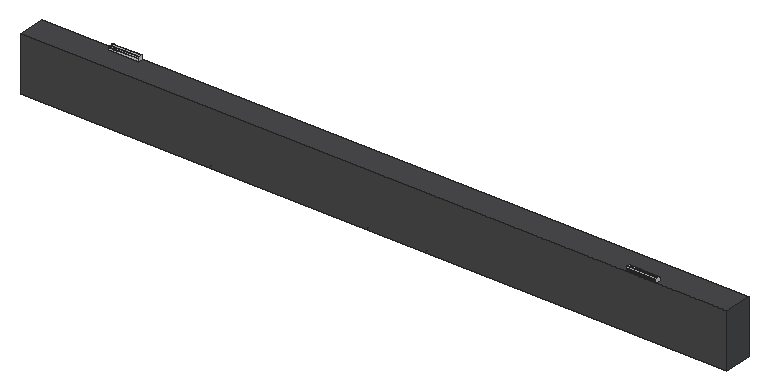
Revit family "DTM40N9.1.36", category Luminarias, Revit 2019
Family settings
  Cota de conector redondo = Diámetro de uso
  Tipo de pieza = Normal
  Se basa en plano de trabajo = Sí
  Siempre vertical = Sí
  Corte con vacíos al cargar = No
  Origen de luz = Sí
  Compartido = No
  Punto de cálculo de habitación = No
Parameters (values of type "RECTANGULAR DWN RIEL_DTM40N9.1.36")
  Ángulo de inclinación = 60.00°
  Zone [instance] = ""
  Watt per fixture = 42.9
  Wattage = 42.9 W
  built-in parameter 1150107 = 4000 (stored number, unit not read)
  built-in parameter 1150110 = 1 (stored number, unit not read)
  built-in parameter 1150109 = 1 (stored number, unit not read)
  built-in parameter 1150112 = 1 (stored number, unit not read)
  built-in parameter 1150113 = 1 (stored number, unit not read)
  built-in parameter 1114218 = 1 (stored number, unit not read)
  Keynote = ""
  built-in parameter 1150137 = (empty or 0)
  built-in parameter 1150132 = (empty or 0)
  Modelo = "DTM40N9.1.36"
  Lámpara = "3030SMD PHILIPS"
  built-in parameter 1150105 = 279.94 (stored number, unit not read)
  built-in parameter 1150102 = (empty or 0)
  built-in parameter 1150106 = 2.7994 (stored number, unit not read)
  Lumens = 3517.8 lm
  Color Filter = 16777215
  built-in parameter 1114217 = 1 (stored number, unit not read)
  built-in parameter 1150139 = (empty or 0)
  Fabricante = "BRILLANT"
  Default Elevation = 1219.2 mm
  built-in parameter 1150104 = 7.618 (stored number, unit not read)
  Descripción = "LUMINARIA DOWNLIGHT EN FORMATO RECTANGULAR COMPATIBLE CON RIEL DE 6 ENTRADAS Y 3 CIRCUITOS, CUERPO DE ALUMINIO ACABADO EN COLOR NEGRO, IP 20, PESO 1.98Kg, TIPO DE LED 3030SMD PHILIPS CON 42.9W TOTAL, 3200 LUMENES, 82LM/W, IRC 90, TEMPERATURA EN BLANCO FRIO 4000K, 50 MIL HORAS DE VIDA PROMEDIO, APERTURA DE 36 GRADOS POR PROYECTO, ALIMENTADO A 90-240V"
  built-in parameter 1150115 = 1 (stored number, unit not read)
  built-in parameter 1150114 = 1 (stored number, unit not read)
  Comentarios de vataje = "90-240V"
  built-in parameter 1150138 = (empty or 0)
  built-in parameter 1150134 = 12
  Circuit [instance] = ""
  Dimming Lamp Color Temperature Shift = (empty or 0)
  Archivo de red fotométrica = "L964A-40W-840-B-36_IESNA95.IES"
  built-in parameter 1150133 = 10 (stored number, unit not read)
Reference planes
  plane 1 "Centro (Frontal/Posterior)": y = 0
  plane 2: z = 0
  plane 3 "Centro (Izquierda/Derecha)": x = 0
Forms (mm)
  Extrusion 1, solid, material "Default Form"
    sketch origin (0, 0, 0) x (1, 0, 0) y (0, 0, 1)
      loop
        line (-473, 0) -> (-473, -72) -> (473, -72) -> (473, 0) -> (-473, 0)
    from -18.326 to 18.326
  Extrusion 2, solid
    sketch origin (-250, 0, 3.217) x (0, -1, 0) y (0, 0, 1)
      loop
        line (-12.149, -3.217) -> (-12.149, 0) -> (-12.935, 0) -> (-12.935, 1.637) -> (-13.796, 1.637) -> (-13.796, 0) -> (-14.582, 0) -> (-14.582, 0.811) -> (-15.443, 0.811) -> (-15.443, 0) -> (-16.233, 0) -> (-16.233, 2.691) -> (-17.279, 2.691) -> (-17.279, 0) -> (-18.061, 0) -> (-18.061, -0.861) -> (-17.162, -0.861) -> (-17.162, -2.042) -> (-18.326, -2.042) -> (-18.326, -3.217) -> (-12.149, -3.217)
    from 89.098 to 128.24
  Blend 3, void
    base sketch origin (-293.63, 0, 0) x (1, 0, 0) y (0, 1, 0)
      loop
        line (-162, 16.149) -> (-162, -16.149) -> (-144.14, -16.149) -> (-144.14, 16.149) -> (-162, 16.149)
    top sketch origin (-293.63, 0, 0) x (1, 0, 0) y (0, 1, 0)
      loop
        line (-160, 12.149) -> (-160, -12.149) -> (-146.14, -12.149) -> (-146.14, 12.149) -> (-160, 12.149)
    from -72 to -61.591
  Blend 4, void
    base sketch origin (-267.33, 0, 0) x (1, 0, 0) y (0, 1, 0)
      loop
        line (-162, 16.149) -> (-162, -16.149) -> (-144.14, -16.149) -> (-144.14, 16.149) -> (-162, 16.149)
    top sketch origin (-267.33, 0, 0) x (1, 0, 0) y (0, 1, 0)
      loop
        line (-160, 12.149) -> (-160, -12.149) -> (-146.14, -12.149) -> (-146.14, 12.149) -> (-160, 12.149)
    from -72 to -61.591
  Blend 5, void
    base sketch origin (-241.03, 0, 0) x (1, 0, 0) y (0, 1, 0)
      loop
        line (-162, 16.149) -> (-162, -16.149) -> (-144.14, -16.149) -> (-144.14, 16.149) -> (-162, 16.149)
    top sketch origin (-241.03, 0, 0) x (1, 0, 0) y (0, 1, 0)
      loop
        line (-160, 12.149) -> (-160, -12.149) -> (-146.14, -12.149) -> (-146.14, 12.149) -> (-160, 12.149)
    from -72 to -61.591
  Blend 6, void
    base sketch origin (-214.73, 0, 0) x (1, 0, 0) y (0, 1, 0)
      loop
        line (-162, 16.149) -> (-162, -16.149) -> (-144.14, -16.149) -> (-144.14, 16.149) -> (-162, 16.149)
    top sketch origin (-214.73, 0, 0) x (1, 0, 0) y (0, 1, 0)
      loop
        line (-160, 12.149) -> (-160, -12.149) -> (-146.14, -12.149) -> (-146.14, 12.149) -> (-160, 12.149)
    from -72 to -61.591
  Blend 7, void
    base sketch origin (-188.43, 0, 0) x (1, 0, 0) y (0, 1, 0)
      loop
        line (-162, 16.149) -> (-162, -16.149) -> (-144.14, -16.149) -> (-144.14, 16.149) -> (-162, 16.149)
    top sketch origin (-188.43, 0, 0) x (1, 0, 0) y (0, 1, 0)
      loop
        line (-160, 12.149) -> (-160, -12.149) -> (-146.14, -12.149) -> (-146.14, 12.149) -> (-160, 12.149)
    from -72 to -61.591
  Blend 8, void
    base sketch origin (-162.13, 0, 0) x (1, 0, 0) y (0, 1, 0)
      loop
        line (-162, 16.149) -> (-162, -16.149) -> (-144.14, -16.149) -> (-144.14, 16.149) -> (-162, 16.149)
    top sketch origin (-162.13, 0, 0) x (1, 0, 0) y (0, 1, 0)
      loop
        line (-160, 12.149) -> (-160, -12.149) -> (-146.14, -12.149) -> (-146.14, 12.149) -> (-160, 12.149)
    from -72 to -61.591
  Blend 9, void
    base sketch origin (-135.83, 0, 0) x (1, 0, 0) y (0, 1, 0)
      loop
        line (-162, 16.149) -> (-162, -16.149) -> (-144.14, -16.149) -> (-144.14, 16.149) -> (-162, 16.149)
    top sketch origin (-135.83, 0, 0) x (1, 0, 0) y (0, 1, 0)
      loop
        line (-160, 12.149) -> (-160, -12.149) -> (-146.14, -12.149) -> (-146.14, 12.149) -> (-160, 12.149)
    from -72 to -61.591
  Blend 10, void
    base sketch origin (-109.53, 0, 0) x (1, 0, 0) y (0, 1, 0)
      loop
        line (-162, 16.149) -> (-162, -16.149) -> (-144.14, -16.149) -> (-144.14, 16.149) -> (-162, 16.149)
    top sketch origin (-109.53, 0, 0) x (1, 0, 0) y (0, 1, 0)
      loop
        line (-160, 12.149) -> (-160, -12.149) -> (-146.14, -12.149) -> (-146.14, 12.149) -> (-160, 12.149)
    from -72 to -61.591
  Blend 11, void
    base sketch origin (-83.23, 0, 0) x (1, 0, 0) y (0, 1, 0)
      loop
        line (-162, 16.149) -> (-162, -16.149) -> (-144.14, -16.149) -> (-144.14, 16.149) -> (-162, 16.149)
    top sketch origin (-83.23, 0, 0) x (1, 0, 0) y (0, 1, 0)
      loop
        line (-160, 12.149) -> (-160, -12.149) -> (-146.14, -12.149) -> (-146.14, 12.149) -> (-160, 12.149)
    from -72 to -61.591
  Blend 12, void
    base sketch origin (-56.93, 0, 0) x (1, 0, 0) y (0, 1, 0)
      loop
        line (-162, 16.149) -> (-162, -16.149) -> (-144.14, -16.149) -> (-144.14, 16.149) -> (-162, 16.149)
    top sketch origin (-56.93, 0, 0) x (1, 0, 0) y (0, 1, 0)
      loop
        line (-160, 12.149) -> (-160, -12.149) -> (-146.14, -12.149) -> (-146.14, 12.149) -> (-160, 12.149)
    from -72 to -61.591
  Blend 13, void
    base sketch origin (-30.63, 0, 0) x (1, 0, 0) y (0, 1, 0)
      loop
        line (-162, 16.149) -> (-162, -16.149) -> (-144.14, -16.149) -> (-144.14, 16.149) -> (-162, 16.149)
    top sketch origin (-30.63, 0, 0) x (1, 0, 0) y (0, 1, 0)
      loop
        line (-160, 12.149) -> (-160, -12.149) -> (-146.14, -12.149) -> (-146.14, 12.149) -> (-160, 12.149)
    from -72 to -61.591
  Blend 14, void
    base sketch origin (-4.33, 0, 0) x (1, 0, 0) y (0, 1, 0)
      loop
        line (-162, 16.149) -> (-162, -16.149) -> (-144.14, -16.149) -> (-144.14, 16.149) -> (-162, 16.149)
    top sketch origin (-4.33, 0, 0) x (1, 0, 0) y (0, 1, 0)
      loop
        line (-160, 12.149) -> (-160, -12.149) -> (-146.14, -12.149) -> (-146.14, 12.149) -> (-160, 12.149)
    from -72 to -61.591
  Blend 15, void
    base sketch origin (21.97, 0, 0) x (1, 0, 0) y (0, 1, 0)
      loop
        line (-162, 16.149) -> (-162, -16.149) -> (-144.14, -16.149) -> (-144.14, 16.149) -> (-162, 16.149)
    top sketch origin (21.97, 0, 0) x (1, 0, 0) y (0, 1, 0)
      loop
        line (-160, 12.149) -> (-160, -12.149) -> (-146.14, -12.149) -> (-146.14, 12.149) -> (-160, 12.149)
    from -72 to -61.591
  Blend 16, void
    base sketch origin (48.27, 0, 0) x (1, 0, 0) y (0, 1, 0)
      loop
        line (-162, 16.149) -> (-162, -16.149) -> (-144.14, -16.149) -> (-144.14, 16.149) -> (-162, 16.149)
    top sketch origin (48.27, 0, 0) x (1, 0, 0) y (0, 1, 0)
      loop
        line (-160, 12.149) -> (-160, -12.149) -> (-146.14, -12.149) -> (-146.14, 12.149) -> (-160, 12.149)
    from -72 to -61.591
  Blend 17, void
    base sketch origin (74.57, 0, 0) x (1, 0, 0) y (0, 1, 0)
      loop
        line (-162, 16.149) -> (-162, -16.149) -> (-144.14, -16.149) -> (-144.14, 16.149) -> (-162, 16.149)
    top sketch origin (74.57, 0, 0) x (1, 0, 0) y (0, 1, 0)
      loop
        line (-160, 12.149) -> (-160, -12.149) -> (-146.14, -12.149) -> (-146.14, 12.149) -> (-160, 12.149)
    from -72 to -61.591
  Blend 18, void
    base sketch origin (100.87, 0, 0) x (1, 0, 0) y (0, 1, 0)
      loop
        line (-162, 16.149) -> (-162, -16.149) -> (-144.14, -16.149) -> (-144.14, 16.149) -> (-162, 16.149)
    top sketch origin (100.87, 0, 0) x (1, 0, 0) y (0, 1, 0)
      loop
        line (-160, 12.149) -> (-160, -12.149) -> (-146.14, -12.149) -> (-146.14, 12.149) -> (-160, 12.149)
    from -72 to -61.591
  Blend 19, void
    base sketch origin (127.17, 0, 0) x (1, 0, 0) y (0, 1, 0)
      loop
        line (-162, 16.149) -> (-162, -16.149) -> (-144.14, -16.149) -> (-144.14, 16.149) -> (-162, 16.149)
    top sketch origin (127.17, 0, 0) x (1, 0, 0) y (0, 1, 0)
      loop
        line (-160, 12.149) -> (-160, -12.149) -> (-146.14, -12.149) -> (-146.14, 12.149) -> (-160, 12.149)
    from -72 to -61.591
  Blend 20, void
    base sketch origin (153.47, 0, 0) x (1, 0, 0) y (0, 1, 0)
      loop
        line (-162, 16.149) -> (-162, -16.149) -> (-144.14, -16.149) -> (-144.14, 16.149) -> (-162, 16.149)
    top sketch origin (153.47, 0, 0) x (1, 0, 0) y (0, 1, 0)
      loop
        line (-160, 12.149) -> (-160, -12.149) -> (-146.14, -12.149) -> (-146.14, 12.149) -> (-160, 12.149)
    from -72 to -61.591
  Blend 21, void
    base sketch origin (179.77, 0, 0) x (1, 0, 0) y (0, 1, 0)
      loop
        line (-162, 16.149) -> (-162, -16.149) -> (-144.14, -16.149) -> (-144.14, 16.149) -> (-162, 16.149)
    top sketch origin (179.77, 0, 0) x (1, 0, 0) y (0, 1, 0)
      loop
        line (-160, 12.149) -> (-160, -12.149) -> (-146.14, -12.149) -> (-146.14, 12.149) -> (-160, 12.149)
    from -72 to -61.591
  Blend 22, void
    base sketch origin (206.07, 0, 0) x (1, 0, 0) y (0, 1, 0)
      loop
        line (-162, 16.149) -> (-162, -16.149) -> (-144.14, -16.149) -> (-144.14, 16.149) -> (-162, 16.149)
    top sketch origin (206.07, 0, 0) x (1, 0, 0) y (0, 1, 0)
      loop
        line (-160, 12.149) -> (-160, -12.149) -> (-146.14, -12.149) -> (-146.14, 12.149) -> (-160, 12.149)
    from -72 to -61.591
  Blend 23, void
    base sketch origin (232.37, 0, 0) x (1, 0, 0) y (0, 1, 0)
      loop
        line (-162, 16.149) -> (-162, -16.149) -> (-144.14, -16.149) -> (-144.14, 16.149) -> (-162, 16.149)
    top sketch origin (232.37, 0, 0) x (1, 0, 0) y (0, 1, 0)
      loop
        line (-160, 12.149) -> (-160, -12.149) -> (-146.14, -12.149) -> (-146.14, 12.149) -> (-160, 12.149)
    from -72 to -61.591
  Blend 24, void
    base sketch origin (258.67, 0, 0) x (1, 0, 0) y (0, 1, 0)
      loop
        line (-162, 16.149) -> (-162, -16.149) -> (-144.14, -16.149) -> (-144.14, 16.149) -> (-162, 16.149)
    top sketch origin (258.67, 0, 0) x (1, 0, 0) y (0, 1, 0)
      loop
        line (-160, 12.149) -> (-160, -12.149) -> (-146.14, -12.149) -> (-146.14, 12.149) -> (-160, 12.149)
    from -72 to -61.591
  Blend 25, void
    base sketch origin (284.97, 0, 0) x (1, 0, 0) y (0, 1, 0)
      loop
        line (-162, 16.149) -> (-162, -16.149) -> (-144.14, -16.149) -> (-144.14, 16.149) -> (-162, 16.149)
    top sketch origin (284.97, 0, 0) x (1, 0, 0) y (0, 1, 0)
      loop
        line (-160, 12.149) -> (-160, -12.149) -> (-146.14, -12.149) -> (-146.14, 12.149) -> (-160, 12.149)
    from -72 to -61.591
  Blend 26, void
    base sketch origin (311.27, 0, 0) x (1, 0, 0) y (0, 1, 0)
      loop
        line (-162, 16.149) -> (-162, -16.149) -> (-144.14, -16.149) -> (-144.14, 16.149) -> (-162, 16.149)
    top sketch origin (311.27, 0, 0) x (1, 0, 0) y (0, 1, 0)
      loop
        line (-160, 12.149) -> (-160, -12.149) -> (-146.14, -12.149) -> (-146.14, 12.149) -> (-160, 12.149)
    from -72 to -61.591
  Blend 27, void
    base sketch origin (337.57, 0, 0) x (1, 0, 0) y (0, 1, 0)
      loop
        line (-162, 16.149) -> (-162, -16.149) -> (-144.14, -16.149) -> (-144.14, 16.149) -> (-162, 16.149)
    top sketch origin (337.57, 0, 0) x (1, 0, 0) y (0, 1, 0)
      loop
        line (-160, 12.149) -> (-160, -12.149) -> (-146.14, -12.149) -> (-146.14, 12.149) -> (-160, 12.149)
    from -72 to -61.591
  Blend 28, void
    base sketch origin (363.87, 0, 0) x (1, 0, 0) y (0, 1, 0)
      loop
        line (-162, 16.149) -> (-162, -16.149) -> (-144.14, -16.149) -> (-144.14, 16.149) -> (-162, 16.149)
    top sketch origin (363.87, 0, 0) x (1, 0, 0) y (0, 1, 0)
      loop
        line (-160, 12.149) -> (-160, -12.149) -> (-146.14, -12.149) -> (-146.14, 12.149) -> (-160, 12.149)
    from -72 to -61.591
  Blend 29, void
    base sketch origin (390.17, 0, 0) x (1, 0, 0) y (0, 1, 0)
      loop
        line (-162, 16.149) -> (-162, -16.149) -> (-144.14, -16.149) -> (-144.14, 16.149) -> (-162, 16.149)
    top sketch origin (390.17, 0, 0) x (1, 0, 0) y (0, 1, 0)
      loop
        line (-160, 12.149) -> (-160, -12.149) -> (-146.14, -12.149) -> (-146.14, 12.149) -> (-160, 12.149)
    from -72 to -61.591
  Blend 30, void
    base sketch origin (416.47, 0, 0) x (1, 0, 0) y (0, 1, 0)
      loop
        line (-162, 16.149) -> (-162, -16.149) -> (-144.14, -16.149) -> (-144.14, 16.149) -> (-162, 16.149)
    top sketch origin (416.47, 0, 0) x (1, 0, 0) y (0, 1, 0)
      loop
        line (-160, 12.149) -> (-160, -12.149) -> (-146.14, -12.149) -> (-146.14, 12.149) -> (-160, 12.149)
    from -72 to -61.591
  Blend 31, void
    base sketch origin (442.77, 0, 0) x (1, 0, 0) y (0, 1, 0)
      loop
        line (-162, 16.149) -> (-162, -16.149) -> (-144.14, -16.149) -> (-144.14, 16.149) -> (-162, 16.149)
    top sketch origin (442.77, 0, 0) x (1, 0, 0) y (0, 1, 0)
      loop
        line (-160, 12.149) -> (-160, -12.149) -> (-146.14, -12.149) -> (-146.14, 12.149) -> (-160, 12.149)
    from -72 to -61.591
  Blend 32, void
    base sketch origin (469.07, 0, 0) x (1, 0, 0) y (0, 1, 0)
      loop
        line (-162, 16.149) -> (-162, -16.149) -> (-144.14, -16.149) -> (-144.14, 16.149) -> (-162, 16.149)
    top sketch origin (469.07, 0, 0) x (1, 0, 0) y (0, 1, 0)
      loop
        line (-160, 12.149) -> (-160, -12.149) -> (-146.14, -12.149) -> (-146.14, 12.149) -> (-160, 12.149)
    from -72 to -61.591
  Blend 33, void
    base sketch origin (495.37, 0, 0) x (1, 0, 0) y (0, 1, 0)
      loop
        line (-162, 16.149) -> (-162, -16.149) -> (-144.14, -16.149) -> (-144.14, 16.149) -> (-162, 16.149)
    top sketch origin (495.37, 0, 0) x (1, 0, 0) y (0, 1, 0)
      loop
        line (-160, 12.149) -> (-160, -12.149) -> (-146.14, -12.149) -> (-146.14, 12.149) -> (-160, 12.149)
    from -72 to -61.591
  Blend 34, void
    base sketch origin (521.67, 0, 0) x (1, 0, 0) y (0, 1, 0)
      loop
        line (-162, 16.149) -> (-162, -16.149) -> (-144.14, -16.149) -> (-144.14, 16.149) -> (-162, 16.149)
    top sketch origin (521.67, 0, 0) x (1, 0, 0) y (0, 1, 0)
      loop
        line (-160, 12.149) -> (-160, -12.149) -> (-146.14, -12.149) -> (-146.14, 12.149) -> (-160, 12.149)
    from -72 to -61.591
  Blend 35, void
    base sketch origin (547.97, 0, 0) x (1, 0, 0) y (0, 1, 0)
      loop
        line (-162, 16.149) -> (-162, -16.149) -> (-144.14, -16.149) -> (-144.14, 16.149) -> (-162, 16.149)
    top sketch origin (547.97, 0, 0) x (1, 0, 0) y (0, 1, 0)
      loop
        line (-160, 12.149) -> (-160, -12.149) -> (-146.14, -12.149) -> (-146.14, 12.149) -> (-160, 12.149)
    from -72 to -61.591
  Blend 36, void
    base sketch origin (574.27, 0, 0) x (1, 0, 0) y (0, 1, 0)
      loop
        line (-162, 16.149) -> (-162, -16.149) -> (-144.14, -16.149) -> (-144.14, 16.149) -> (-162, 16.149)
    top sketch origin (574.27, 0, 0) x (1, 0, 0) y (0, 1, 0)
      loop
        line (-160, 12.149) -> (-160, -12.149) -> (-146.14, -12.149) -> (-146.14, 12.149) -> (-160, 12.149)
    from -72 to -61.591
  Blend 37, void
    base sketch origin (600.57, 0, 0) x (1, 0, 0) y (0, 1, 0)
      loop
        line (-162, 16.149) -> (-162, -16.149) -> (-144.14, -16.149) -> (-144.14, 16.149) -> (-162, 16.149)
    top sketch origin (600.57, 0, 0) x (1, 0, 0) y (0, 1, 0)
      loop
        line (-160, 12.149) -> (-160, -12.149) -> (-146.14, -12.149) -> (-146.14, 12.149) -> (-160, 12.149)
    from -72 to -61.591
  Extrusion 38, solid
    sketch origin (250, 0, 3.217) x (0, 1, 0) y (0, 0, 1)
      loop
        line (-12.149, -3.217) -> (-12.149, 0) -> (-12.935, 0) -> (-12.935, 1.637) -> (-13.796, 1.637) -> (-13.796, 0) -> (-14.582, 0) -> (-14.582, 0.811) -> (-15.443, 0.811) -> (-15.443, 0) -> (-16.233, 0) -> (-16.233, 2.691) -> (-17.279, 2.691) -> (-17.279, 0) -> (-18.061, 0) -> (-18.061, -0.861) -> (-17.162, -0.861) -> (-17.162, -2.042) -> (-18.326, -2.042) -> (-18.326, -3.217) -> (-12.149, -3.217)
    from 89.098 to 128.24
Cuts and joins
  Blend 3, Blend 4, Blend 5, Blend 6, Blend 7, Blend 8, Blend 9, Blend 10, Blend 11, Blend 12, Blend 13, Blend 14, Blend 15, Blend 16, Blend 17, Blend 18, Blend 19, Blend 20, Blend 21, Blend 22, Blend 23, Blend 24, Blend 25, Blend 26, Blend 27, Blend 28, Blend 29, Blend 30, Blend 31, Blend 32, Blend 33, Blend 34, Blend 35, Blend 36, Blend 37 cuts Extrusion 1
Dimensions and locks
  equal spacing: Extrusion 1, plane 1 "Centro (Frontal/Posterior)", Extrusion 1
  Extrusion 1 to plane 1 "Centro (Frontal/Posterior)" = 18.326 mm
  Extrusion 1 to Extrusion 1 = 36.651 mm
  Extrusion 1 to Extrusion 1 = 72 mm
  Extrusion 1 to Extrusion 1 = 946 mm
  cut or joined group 1 (Extrusion 1, Blend 3, Blend 4, Blend 5, Blend 6, Blend 7, Blend 8, Blend 9, Blend 10, Blend 11, Blend 12, Blend 13, Blend 14, Blend 15, Blend 16, Blend 17, Blend 18, Blend 19, Blend 20, Blend 21, Blend 22, Blend 23, Blend 24, Blend 25, Blend 26, Blend 27, Blend 28, Blend 29, Blend 30, Blend 31, Blend 32, Blend 33, Blend 34, Blend 35, Blend 36, Blend 37) to cut or joined group 1 = 72 mm
  cut or joined group 1 to cut or joined group 1 = 36.651 mm
  cut or joined group 1 to cut or joined group 1 = 946 mm
  equal spacing: cut or joined group 1, plane 1 "Centro (Frontal/Posterior)", cut or joined group 1
  aligned and locked: level to plane 2
Automatic sketch dimensions
  Extrusion 1 sketch curve to level = 0 mm
  Extrusion 1 sketch curve to level = 72 mm
  Extrusion 1 sketch curve to plane 3 "Centro (Izquierda/Derecha)" = 473 mm
  plane 3 "Centro (Izquierda/Derecha)" to Extrusion 1 sketch curve = 473 mm
  Extrusion 2 sketch curve to level = 0 mm
  level to Extrusion 2 sketch curve = 1.175 mm
  Extrusion 2 sketch curve to plane 1 "Centro (Frontal/Posterior)" = 18.326 mm
  Extrusion 2 sketch curve to Extrusion 2 sketch curve = 0.265 mm
  Extrusion 2 sketch curve to Extrusion 2 sketch curve = 0.782 mm
  Extrusion 2 sketch curve to Extrusion 2 sketch curve = 1.164 mm
  Extrusion 2 sketch curve to Extrusion 2 sketch curve = 1.046 mm
  Extrusion 2 sketch curve to Extrusion 2 sketch curve = 0.789 mm
  Extrusion 2 sketch curve to Extrusion 2 sketch curve = 0.861 mm  (x3)
  Extrusion 2 sketch curve to Extrusion 2 sketch curve = 0.786 mm
  Extrusion 2 sketch curve to Extrusion 2 sketch curve = 0.785 mm
  Extrusion 2 sketch curve to Extrusion 2 sketch curve = 1.181 mm
  level to Extrusion 2 sketch curve = 3.217 mm
  Extrusion 2 sketch curve to Extrusion 2 sketch curve = 0 mm  (x2)
  Extrusion 2 sketch curve to Extrusion 2 sketch curve = 0.811 mm
  Extrusion 2 sketch curve to Extrusion 2 sketch curve = 0.826 mm
  Extrusion 2 sketch curve to Extrusion 2 sketch curve = 1.88 mm
  Blend 3 sketch curve to plane 1 "Centro (Frontal/Posterior)" = 16.149 mm
  Blend 3 sketch curve to plane 3 "Centro (Izquierda/Derecha)" = 455.63 mm
  Blend 3 sketch curve to Blend 3 sketch curve = 17.86 mm
  plane 1 "Centro (Frontal/Posterior)" to Blend 3 sketch curve = 16.149 mm
  Blend 3 sketch curve to plane 1 "Centro (Frontal/Posterior)" = 12.149 mm
  Blend 3 sketch curve to plane 3 "Centro (Izquierda/Derecha)" = 453.63 mm
  Blend 3 sketch curve to Blend 3 sketch curve = 13.86 mm
  plane 1 "Centro (Frontal/Posterior)" to Blend 3 sketch curve = 12.149 mm
  Blend 4 sketch curve to plane 1 "Centro (Frontal/Posterior)" = 16.149 mm
  Blend 4 sketch curve to plane 3 "Centro (Izquierda/Derecha)" = 429.33 mm
  Blend 4 sketch curve to Blend 4 sketch curve = 17.86 mm
  plane 1 "Centro (Frontal/Posterior)" to Blend 4 sketch curve = 16.149 mm
  Blend 4 sketch curve to plane 1 "Centro (Frontal/Posterior)" = 12.149 mm
  Blend 4 sketch curve to plane 3 "Centro (Izquierda/Derecha)" = 427.33 mm
  Blend 4 sketch curve to Blend 4 sketch curve = 13.86 mm
  plane 1 "Centro (Frontal/Posterior)" to Blend 4 sketch curve = 12.149 mm
  Blend 5 sketch curve to plane 1 "Centro (Frontal/Posterior)" = 16.149 mm
  Blend 5 sketch curve to plane 3 "Centro (Izquierda/Derecha)" = 403.03 mm
  Blend 5 sketch curve to Blend 5 sketch curve = 17.86 mm
  plane 1 "Centro (Frontal/Posterior)" to Blend 5 sketch curve = 16.149 mm
  Blend 5 sketch curve to plane 1 "Centro (Frontal/Posterior)" = 12.149 mm
  Blend 5 sketch curve to plane 3 "Centro (Izquierda/Derecha)" = 401.03 mm
  Blend 5 sketch curve to Blend 5 sketch curve = 13.86 mm
  plane 1 "Centro (Frontal/Posterior)" to Blend 5 sketch curve = 12.149 mm
  Blend 6 sketch curve to plane 1 "Centro (Frontal/Posterior)" = 16.149 mm
  Blend 6 sketch curve to plane 3 "Centro (Izquierda/Derecha)" = 376.73 mm
  Blend 6 sketch curve to Blend 6 sketch curve = 17.86 mm
  plane 1 "Centro (Frontal/Posterior)" to Blend 6 sketch curve = 16.149 mm
  Blend 6 sketch curve to plane 1 "Centro (Frontal/Posterior)" = 12.149 mm
  Blend 6 sketch curve to plane 3 "Centro (Izquierda/Derecha)" = 374.73 mm
  Blend 6 sketch curve to Blend 6 sketch curve = 13.86 mm
  plane 1 "Centro (Frontal/Posterior)" to Blend 6 sketch curve = 12.149 mm
  Blend 7 sketch curve to plane 1 "Centro (Frontal/Posterior)" = 16.149 mm
  Blend 7 sketch curve to plane 3 "Centro (Izquierda/Derecha)" = 350.43 mm
  Blend 7 sketch curve to Blend 7 sketch curve = 17.86 mm
  plane 1 "Centro (Frontal/Posterior)" to Blend 7 sketch curve = 16.149 mm
  Blend 7 sketch curve to plane 1 "Centro (Frontal/Posterior)" = 12.149 mm
  Blend 7 sketch curve to plane 3 "Centro (Izquierda/Derecha)" = 348.43 mm
  Blend 7 sketch curve to Blend 7 sketch curve = 13.86 mm
  plane 1 "Centro (Frontal/Posterior)" to Blend 7 sketch curve = 12.149 mm
  Blend 8 sketch curve to plane 1 "Centro (Frontal/Posterior)" = 16.149 mm
  Blend 8 sketch curve to plane 3 "Centro (Izquierda/Derecha)" = 324.13 mm
  Blend 8 sketch curve to Blend 8 sketch curve = 17.86 mm
  plane 1 "Centro (Frontal/Posterior)" to Blend 8 sketch curve = 16.149 mm
  Blend 8 sketch curve to plane 1 "Centro (Frontal/Posterior)" = 12.149 mm
  Blend 8 sketch curve to plane 3 "Centro (Izquierda/Derecha)" = 322.13 mm
  Blend 8 sketch curve to Blend 8 sketch curve = 13.86 mm
  plane 1 "Centro (Frontal/Posterior)" to Blend 8 sketch curve = 12.149 mm
  Blend 9 sketch curve to plane 1 "Centro (Frontal/Posterior)" = 16.149 mm
  Blend 9 sketch curve to plane 3 "Centro (Izquierda/Derecha)" = 297.83 mm
  Blend 9 sketch curve to Blend 9 sketch curve = 17.86 mm
  plane 1 "Centro (Frontal/Posterior)" to Blend 9 sketch curve = 16.149 mm
  Blend 9 sketch curve to plane 1 "Centro (Frontal/Posterior)" = 12.149 mm
  Blend 9 sketch curve to plane 3 "Centro (Izquierda/Derecha)" = 295.83 mm
  Blend 9 sketch curve to Blend 9 sketch curve = 13.86 mm
  plane 1 "Centro (Frontal/Posterior)" to Blend 9 sketch curve = 12.149 mm
  Blend 10 sketch curve to plane 1 "Centro (Frontal/Posterior)" = 16.149 mm
  Blend 10 sketch curve to plane 3 "Centro (Izquierda/Derecha)" = 271.53 mm
  Blend 10 sketch curve to Blend 10 sketch curve = 17.86 mm
  plane 1 "Centro (Frontal/Posterior)" to Blend 10 sketch curve = 16.149 mm
  Blend 10 sketch curve to plane 1 "Centro (Frontal/Posterior)" = 12.149 mm
  Blend 10 sketch curve to plane 3 "Centro (Izquierda/Derecha)" = 269.53 mm
  Blend 10 sketch curve to Blend 10 sketch curve = 13.86 mm
  plane 1 "Centro (Frontal/Posterior)" to Blend 10 sketch curve = 12.149 mm
  Blend 11 sketch curve to plane 1 "Centro (Frontal/Posterior)" = 16.149 mm
  Blend 11 sketch curve to plane 3 "Centro (Izquierda/Derecha)" = 245.23 mm
  Blend 11 sketch curve to Blend 11 sketch curve = 17.86 mm
  plane 1 "Centro (Frontal/Posterior)" to Blend 11 sketch curve = 16.149 mm
  Blend 11 sketch curve to plane 1 "Centro (Frontal/Posterior)" = 12.149 mm
  Blend 11 sketch curve to plane 3 "Centro (Izquierda/Derecha)" = 243.23 mm
  Blend 11 sketch curve to Blend 11 sketch curve = 13.86 mm
  plane 1 "Centro (Frontal/Posterior)" to Blend 11 sketch curve = 12.149 mm
  Blend 12 sketch curve to plane 1 "Centro (Frontal/Posterior)" = 16.149 mm
  Blend 12 sketch curve to plane 3 "Centro (Izquierda/Derecha)" = 218.93 mm
  Blend 12 sketch curve to Blend 12 sketch curve = 17.86 mm
  plane 1 "Centro (Frontal/Posterior)" to Blend 12 sketch curve = 16.149 mm
  Blend 12 sketch curve to plane 1 "Centro (Frontal/Posterior)" = 12.149 mm
  Blend 12 sketch curve to plane 3 "Centro (Izquierda/Derecha)" = 216.93 mm
  Blend 12 sketch curve to Blend 12 sketch curve = 13.86 mm
  plane 1 "Centro (Frontal/Posterior)" to Blend 12 sketch curve = 12.149 mm
  Blend 13 sketch curve to plane 1 "Centro (Frontal/Posterior)" = 16.149 mm
  Blend 13 sketch curve to plane 3 "Centro (Izquierda/Derecha)" = 192.63 mm
  Blend 13 sketch curve to Blend 13 sketch curve = 17.86 mm
  plane 1 "Centro (Frontal/Posterior)" to Blend 13 sketch curve = 16.149 mm
  Blend 13 sketch curve to plane 1 "Centro (Frontal/Posterior)" = 12.149 mm
  Blend 13 sketch curve to plane 3 "Centro (Izquierda/Derecha)" = 190.63 mm
  Blend 13 sketch curve to Blend 13 sketch curve = 13.86 mm
  plane 1 "Centro (Frontal/Posterior)" to Blend 13 sketch curve = 12.149 mm
  Blend 14 sketch curve to plane 1 "Centro (Frontal/Posterior)" = 16.149 mm
  Blend 14 sketch curve to plane 3 "Centro (Izquierda/Derecha)" = 166.33 mm
  Blend 14 sketch curve to Blend 14 sketch curve = 17.86 mm
  plane 1 "Centro (Frontal/Posterior)" to Blend 14 sketch curve = 16.149 mm
  Blend 14 sketch curve to plane 1 "Centro (Frontal/Posterior)" = 12.149 mm
  Blend 14 sketch curve to plane 3 "Centro (Izquierda/Derecha)" = 164.33 mm
  Blend 14 sketch curve to Blend 14 sketch curve = 13.86 mm
  plane 1 "Centro (Frontal/Posterior)" to Blend 14 sketch curve = 12.149 mm
  Blend 15 sketch curve to plane 1 "Centro (Frontal/Posterior)" = 16.149 mm
  Blend 15 sketch curve to plane 3 "Centro (Izquierda/Derecha)" = 140.03 mm
  Blend 15 sketch curve to Blend 15 sketch curve = 17.86 mm
  plane 1 "Centro (Frontal/Posterior)" to Blend 15 sketch curve = 16.149 mm
  Blend 15 sketch curve to plane 1 "Centro (Frontal/Posterior)" = 12.149 mm
  Blend 15 sketch curve to plane 3 "Centro (Izquierda/Derecha)" = 138.03 mm
  Blend 15 sketch curve to Blend 15 sketch curve = 13.86 mm
  plane 1 "Centro (Frontal/Posterior)" to Blend 15 sketch curve = 12.149 mm
  Blend 16 sketch curve to plane 1 "Centro (Frontal/Posterior)" = 16.149 mm
  Blend 16 sketch curve to plane 3 "Centro (Izquierda/Derecha)" = 113.73 mm
  Blend 16 sketch curve to Blend 16 sketch curve = 17.86 mm
  plane 1 "Centro (Frontal/Posterior)" to Blend 16 sketch curve = 16.149 mm
  Blend 16 sketch curve to plane 1 "Centro (Frontal/Posterior)" = 12.149 mm
  Blend 16 sketch curve to plane 3 "Centro (Izquierda/Derecha)" = 111.73 mm
  Blend 16 sketch curve to Blend 16 sketch curve = 13.86 mm
  plane 1 "Centro (Frontal/Posterior)" to Blend 16 sketch curve = 12.149 mm
  Blend 17 sketch curve to plane 1 "Centro (Frontal/Posterior)" = 16.149 mm
  Blend 17 sketch curve to plane 3 "Centro (Izquierda/Derecha)" = 87.43 mm
  Blend 17 sketch curve to Blend 17 sketch curve = 17.86 mm
  plane 1 "Centro (Frontal/Posterior)" to Blend 17 sketch curve = 16.149 mm
  Blend 17 sketch curve to plane 1 "Centro (Frontal/Posterior)" = 12.149 mm
  Blend 17 sketch curve to plane 3 "Centro (Izquierda/Derecha)" = 85.43 mm
  Blend 17 sketch curve to Blend 17 sketch curve = 13.86 mm
  plane 1 "Centro (Frontal/Posterior)" to Blend 17 sketch curve = 12.149 mm
  Blend 18 sketch curve to plane 1 "Centro (Frontal/Posterior)" = 16.149 mm
  Blend 18 sketch curve to plane 3 "Centro (Izquierda/Derecha)" = 61.13 mm
  Blend 18 sketch curve to Blend 18 sketch curve = 17.86 mm
  plane 1 "Centro (Frontal/Posterior)" to Blend 18 sketch curve = 16.149 mm
  Blend 18 sketch curve to plane 1 "Centro (Frontal/Posterior)" = 12.149 mm
  Blend 18 sketch curve to plane 3 "Centro (Izquierda/Derecha)" = 59.13 mm
  Blend 18 sketch curve to Blend 18 sketch curve = 13.86 mm
  plane 1 "Centro (Frontal/Posterior)" to Blend 18 sketch curve = 12.149 mm
  Blend 19 sketch curve to plane 1 "Centro (Frontal/Posterior)" = 16.149 mm
  Blend 19 sketch curve to plane 3 "Centro (Izquierda/Derecha)" = 34.83 mm
  Blend 19 sketch curve to plane 3 "Centro (Izquierda/Derecha)" = 16.97 mm
  plane 1 "Centro (Frontal/Posterior)" to Blend 19 sketch curve = 16.149 mm
  Blend 19 sketch curve to plane 1 "Centro (Frontal/Posterior)" = 12.149 mm
  Blend 19 sketch curve to plane 3 "Centro (Izquierda/Derecha)" = 32.83 mm
  Blend 19 sketch curve to Blend 19 sketch curve = 13.86 mm
  plane 1 "Centro (Frontal/Posterior)" to Blend 19 sketch curve = 12.149 mm
  Blend 20 sketch curve to plane 3 "Centro (Izquierda/Derecha)" = 8.53 mm
  plane 3 "Centro (Izquierda/Derecha)" to Blend 20 sketch curve = 9.33 mm
  plane 1 "Centro (Frontal/Posterior)" to Blend 20 sketch curve = 16.149 mm
  Blend 20 sketch curve to plane 1 "Centro (Frontal/Posterior)" = 16.149 mm
  Blend 20 sketch curve to plane 3 "Centro (Izquierda/Derecha)" = 6.53 mm
  plane 3 "Centro (Izquierda/Derecha)" to Blend 20 sketch curve = 7.33 mm
  plane 1 "Centro (Frontal/Posterior)" to Blend 20 sketch curve = 12.149 mm
  Blend 20 sketch curve to plane 1 "Centro (Frontal/Posterior)" = 12.149 mm
  plane 3 "Centro (Izquierda/Derecha)" to Blend 21 sketch curve = 17.77 mm
  Blend 21 sketch curve to Blend 21 sketch curve = 17.86 mm
  plane 1 "Centro (Frontal/Posterior)" to Blend 21 sketch curve = 16.149 mm
  Blend 21 sketch curve to plane 1 "Centro (Frontal/Posterior)" = 16.149 mm
  plane 3 "Centro (Izquierda/Derecha)" to Blend 21 sketch curve = 19.77 mm
  Blend 21 sketch curve to Blend 21 sketch curve = 13.86 mm
  plane 1 "Centro (Frontal/Posterior)" to Blend 21 sketch curve = 12.149 mm
  Blend 21 sketch curve to plane 1 "Centro (Frontal/Posterior)" = 12.149 mm
  Blend 22 sketch curve to plane 1 "Centro (Frontal/Posterior)" = 16.149 mm
  plane 3 "Centro (Izquierda/Derecha)" to Blend 22 sketch curve = 44.07 mm
  Blend 22 sketch curve to Blend 22 sketch curve = 17.86 mm
  plane 1 "Centro (Frontal/Posterior)" to Blend 22 sketch curve = 16.149 mm
  Blend 22 sketch curve to plane 1 "Centro (Frontal/Posterior)" = 12.149 mm
  plane 3 "Centro (Izquierda/Derecha)" to Blend 22 sketch curve = 46.07 mm
  Blend 22 sketch curve to Blend 22 sketch curve = 13.86 mm
  plane 1 "Centro (Frontal/Posterior)" to Blend 22 sketch curve = 12.149 mm
  Blend 23 sketch curve to plane 1 "Centro (Frontal/Posterior)" = 16.149 mm
  plane 3 "Centro (Izquierda/Derecha)" to Blend 23 sketch curve = 70.37 mm
  Blend 23 sketch curve to Blend 23 sketch curve = 17.86 mm
  plane 1 "Centro (Frontal/Posterior)" to Blend 23 sketch curve = 16.149 mm
  Blend 23 sketch curve to plane 1 "Centro (Frontal/Posterior)" = 12.149 mm
  plane 3 "Centro (Izquierda/Derecha)" to Blend 23 sketch curve = 72.37 mm
  Blend 23 sketch curve to Blend 23 sketch curve = 13.86 mm
  plane 1 "Centro (Frontal/Posterior)" to Blend 23 sketch curve = 12.149 mm
  Blend 24 sketch curve to plane 1 "Centro (Frontal/Posterior)" = 16.149 mm
  plane 3 "Centro (Izquierda/Derecha)" to Blend 24 sketch curve = 96.67 mm
  Blend 24 sketch curve to Blend 24 sketch curve = 17.86 mm
  plane 1 "Centro (Frontal/Posterior)" to Blend 24 sketch curve = 16.149 mm
  Blend 24 sketch curve to plane 1 "Centro (Frontal/Posterior)" = 12.149 mm
  plane 3 "Centro (Izquierda/Derecha)" to Blend 24 sketch curve = 98.67 mm
  Blend 24 sketch curve to Blend 24 sketch curve = 13.86 mm
  plane 1 "Centro (Frontal/Posterior)" to Blend 24 sketch curve = 12.149 mm
  Blend 25 sketch curve to plane 1 "Centro (Frontal/Posterior)" = 16.149 mm
  plane 3 "Centro (Izquierda/Derecha)" to Blend 25 sketch curve = 122.97 mm
  Blend 25 sketch curve to Blend 25 sketch curve = 17.86 mm
  plane 1 "Centro (Frontal/Posterior)" to Blend 25 sketch curve = 16.149 mm
  Blend 25 sketch curve to plane 1 "Centro (Frontal/Posterior)" = 12.149 mm
  plane 3 "Centro (Izquierda/Derecha)" to Blend 25 sketch curve = 124.97 mm
  Blend 25 sketch curve to Blend 25 sketch curve = 13.86 mm
  plane 1 "Centro (Frontal/Posterior)" to Blend 25 sketch curve = 12.149 mm
  Blend 26 sketch curve to plane 1 "Centro (Frontal/Posterior)" = 16.149 mm
  plane 3 "Centro (Izquierda/Derecha)" to Blend 26 sketch curve = 149.27 mm
  Blend 26 sketch curve to Blend 26 sketch curve = 17.86 mm
  plane 1 "Centro (Frontal/Posterior)" to Blend 26 sketch curve = 16.149 mm
  Blend 26 sketch curve to plane 1 "Centro (Frontal/Posterior)" = 12.149 mm
  plane 3 "Centro (Izquierda/Derecha)" to Blend 26 sketch curve = 151.27 mm
  Blend 26 sketch curve to Blend 26 sketch curve = 13.86 mm
  plane 1 "Centro (Frontal/Posterior)" to Blend 26 sketch curve = 12.149 mm
  Blend 27 sketch curve to plane 1 "Centro (Frontal/Posterior)" = 16.149 mm
  plane 3 "Centro (Izquierda/Derecha)" to Blend 27 sketch curve = 175.57 mm
  Blend 27 sketch curve to Blend 27 sketch curve = 17.86 mm
  plane 1 "Centro (Frontal/Posterior)" to Blend 27 sketch curve = 16.149 mm
  Blend 27 sketch curve to plane 1 "Centro (Frontal/Posterior)" = 12.149 mm
  plane 3 "Centro (Izquierda/Derecha)" to Blend 27 sketch curve = 177.57 mm
  Blend 27 sketch curve to Blend 27 sketch curve = 13.86 mm
  plane 1 "Centro (Frontal/Posterior)" to Blend 27 sketch curve = 12.149 mm
  Blend 28 sketch curve to plane 1 "Centro (Frontal/Posterior)" = 16.149 mm
  plane 3 "Centro (Izquierda/Derecha)" to Blend 28 sketch curve = 201.87 mm
  Blend 28 sketch curve to Blend 28 sketch curve = 17.86 mm
  plane 1 "Centro (Frontal/Posterior)" to Blend 28 sketch curve = 16.149 mm
  Blend 28 sketch curve to plane 1 "Centro (Frontal/Posterior)" = 12.149 mm
  plane 3 "Centro (Izquierda/Derecha)" to Blend 28 sketch curve = 203.87 mm
  Blend 28 sketch curve to Blend 28 sketch curve = 13.86 mm
  plane 1 "Centro (Frontal/Posterior)" to Blend 28 sketch curve = 12.149 mm
  Blend 29 sketch curve to plane 1 "Centro (Frontal/Posterior)" = 16.149 mm
  plane 3 "Centro (Izquierda/Derecha)" to Blend 29 sketch curve = 228.17 mm
  Blend 29 sketch curve to Blend 29 sketch curve = 17.86 mm
  plane 1 "Centro (Frontal/Posterior)" to Blend 29 sketch curve = 16.149 mm
  Blend 29 sketch curve to plane 1 "Centro (Frontal/Posterior)" = 12.149 mm
  plane 3 "Centro (Izquierda/Derecha)" to Blend 29 sketch curve = 230.17 mm
  Blend 29 sketch curve to Blend 29 sketch curve = 13.86 mm
  plane 1 "Centro (Frontal/Posterior)" to Blend 29 sketch curve = 12.149 mm
  Blend 30 sketch curve to plane 1 "Centro (Frontal/Posterior)" = 16.149 mm
  plane 3 "Centro (Izquierda/Derecha)" to Blend 30 sketch curve = 254.47 mm
  Blend 30 sketch curve to Blend 30 sketch curve = 17.86 mm
  plane 1 "Centro (Frontal/Posterior)" to Blend 30 sketch curve = 16.149 mm
  Blend 30 sketch curve to plane 1 "Centro (Frontal/Posterior)" = 12.149 mm
  plane 3 "Centro (Izquierda/Derecha)" to Blend 30 sketch curve = 256.47 mm
  Blend 30 sketch curve to Blend 30 sketch curve = 13.86 mm
  plane 1 "Centro (Frontal/Posterior)" to Blend 30 sketch curve = 12.149 mm
  Blend 31 sketch curve to plane 1 "Centro (Frontal/Posterior)" = 16.149 mm
  plane 3 "Centro (Izquierda/Derecha)" to Blend 31 sketch curve = 280.77 mm
  Blend 31 sketch curve to Blend 31 sketch curve = 17.86 mm
  plane 1 "Centro (Frontal/Posterior)" to Blend 31 sketch curve = 16.149 mm
  Blend 31 sketch curve to plane 1 "Centro (Frontal/Posterior)" = 12.149 mm
  plane 3 "Centro (Izquierda/Derecha)" to Blend 31 sketch curve = 282.77 mm
  Blend 31 sketch curve to Blend 31 sketch curve = 13.86 mm
  plane 1 "Centro (Frontal/Posterior)" to Blend 31 sketch curve = 12.149 mm
  Blend 32 sketch curve to plane 1 "Centro (Frontal/Posterior)" = 16.149 mm
  plane 3 "Centro (Izquierda/Derecha)" to Blend 32 sketch curve = 307.07 mm
  Blend 32 sketch curve to Blend 32 sketch curve = 17.86 mm
  plane 1 "Centro (Frontal/Posterior)" to Blend 32 sketch curve = 16.149 mm
  Blend 32 sketch curve to plane 1 "Centro (Frontal/Posterior)" = 12.149 mm
  plane 3 "Centro (Izquierda/Derecha)" to Blend 32 sketch curve = 309.07 mm
  Blend 32 sketch curve to Blend 32 sketch curve = 13.86 mm
  plane 1 "Centro (Frontal/Posterior)" to Blend 32 sketch curve = 12.149 mm
  Blend 33 sketch curve to plane 1 "Centro (Frontal/Posterior)" = 16.149 mm
  plane 3 "Centro (Izquierda/Derecha)" to Blend 33 sketch curve = 333.37 mm
  Blend 33 sketch curve to Blend 33 sketch curve = 17.86 mm
  plane 1 "Centro (Frontal/Posterior)" to Blend 33 sketch curve = 16.149 mm
  Blend 33 sketch curve to plane 1 "Centro (Frontal/Posterior)" = 12.149 mm
  plane 3 "Centro (Izquierda/Derecha)" to Blend 33 sketch curve = 335.37 mm
  Blend 33 sketch curve to Blend 33 sketch curve = 13.86 mm
  plane 1 "Centro (Frontal/Posterior)" to Blend 33 sketch curve = 12.149 mm
  Blend 34 sketch curve to plane 1 "Centro (Frontal/Posterior)" = 16.149 mm
  plane 3 "Centro (Izquierda/Derecha)" to Blend 34 sketch curve = 359.67 mm
  Blend 34 sketch curve to Blend 34 sketch curve = 17.86 mm
  plane 1 "Centro (Frontal/Posterior)" to Blend 34 sketch curve = 16.149 mm
  Blend 34 sketch curve to plane 1 "Centro (Frontal/Posterior)" = 12.149 mm
  plane 3 "Centro (Izquierda/Derecha)" to Blend 34 sketch curve = 361.67 mm
  Blend 34 sketch curve to Blend 34 sketch curve = 13.86 mm
  plane 1 "Centro (Frontal/Posterior)" to Blend 34 sketch curve = 12.149 mm
  Blend 35 sketch curve to plane 1 "Centro (Frontal/Posterior)" = 16.149 mm
  plane 3 "Centro (Izquierda/Derecha)" to Blend 35 sketch curve = 385.97 mm
  Blend 35 sketch curve to Blend 35 sketch curve = 17.86 mm
  plane 1 "Centro (Frontal/Posterior)" to Blend 35 sketch curve = 16.149 mm
  Blend 35 sketch curve to plane 1 "Centro (Frontal/Posterior)" = 12.149 mm
  plane 3 "Centro (Izquierda/Derecha)" to Blend 35 sketch curve = 387.97 mm
  Blend 35 sketch curve to Blend 35 sketch curve = 13.86 mm
  plane 1 "Centro (Frontal/Posterior)" to Blend 35 sketch curve = 12.149 mm
  Blend 36 sketch curve to plane 1 "Centro (Frontal/Posterior)" = 16.149 mm
  plane 3 "Centro (Izquierda/Derecha)" to Blend 36 sketch curve = 412.27 mm
  Blend 36 sketch curve to Blend 36 sketch curve = 17.86 mm
  plane 1 "Centro (Frontal/Posterior)" to Blend 36 sketch curve = 16.149 mm
  Blend 36 sketch curve to plane 1 "Centro (Frontal/Posterior)" = 12.149 mm
  plane 3 "Centro (Izquierda/Derecha)" to Blend 36 sketch curve = 414.27 mm
  Blend 36 sketch curve to Blend 36 sketch curve = 13.86 mm
  plane 1 "Centro (Frontal/Posterior)" to Blend 36 sketch curve = 12.149 mm
  Blend 37 sketch curve to plane 1 "Centro (Frontal/Posterior)" = 16.149 mm
  plane 3 "Centro (Izquierda/Derecha)" to Blend 37 sketch curve = 438.57 mm
  Blend 37 sketch curve to Blend 37 sketch curve = 17.86 mm
  plane 1 "Centro (Frontal/Posterior)" to Blend 37 sketch curve = 16.149 mm
  Blend 37 sketch curve to plane 1 "Centro (Frontal/Posterior)" = 12.149 mm
  plane 3 "Centro (Izquierda/Derecha)" to Blend 37 sketch curve = 440.57 mm
  Blend 37 sketch curve to Blend 37 sketch curve = 13.86 mm
  plane 1 "Centro (Frontal/Posterior)" to Blend 37 sketch curve = 12.149 mm
  Extrusion 38 sketch curve to level = 0 mm
  level to Extrusion 38 sketch curve = 1.175 mm
  plane 1 "Centro (Frontal/Posterior)" to Extrusion 38 sketch curve = 18.326 mm
  Extrusion 38 sketch curve to Extrusion 38 sketch curve = 0.265 mm
  Extrusion 38 sketch curve to Extrusion 38 sketch curve = 0.782 mm
  Extrusion 38 sketch curve to Extrusion 38 sketch curve = 1.164 mm
  Extrusion 38 sketch curve to Extrusion 38 sketch curve = 1.046 mm
  Extrusion 38 sketch curve to Extrusion 38 sketch curve = 0.789 mm
  Extrusion 38 sketch curve to Extrusion 38 sketch curve = 0.861 mm  (x3)
  Extrusion 38 sketch curve to Extrusion 38 sketch curve = 0.786 mm
  Extrusion 38 sketch curve to Extrusion 38 sketch curve = 0.785 mm
  Extrusion 38 sketch curve to Extrusion 38 sketch curve = 1.181 mm
  level to Extrusion 38 sketch curve = 3.217 mm
  Extrusion 38 sketch curve to Extrusion 38 sketch curve = 0 mm  (x2)
  Extrusion 38 sketch curve to Extrusion 38 sketch curve = 0.811 mm
  Extrusion 38 sketch curve to Extrusion 38 sketch curve = 0.826 mm
  Extrusion 38 sketch curve to Extrusion 38 sketch curve = 1.88 mm
Connectors
  electrical at (0, 0, 0)
    settings: on cut or joined group 1, index 1, voltage 240 V, apparent load 0 VA, apparent load phase1 0 VA, apparent load phase2 0 VA, apparent load phase3 0 VA, power factor 1, load classification "Otro", number of poles 1, system type 31, power factor state 1, is connector primary yes, connector utility no, sub classification motor no, connector description ""
